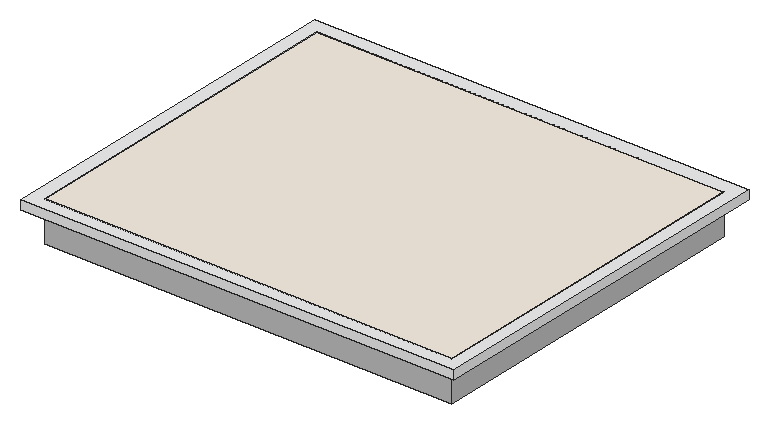
Revit family "Lighting-Industriale-GEWISS-ELIA-HL-LED_RIFLETTORE", category Apparecchi per illuminazione, host Superficie, Revit 2019 (continued)
Types (12, lengths in mm): name | Tensione | Scheda Tecnica | Potenza di sistema | Peso (kg): | Peso (kg) | Ottica | built-in parameter 1150142 | Lumen output (lm) | Modello | IDT | File diagramma fotometrico | Description
    4883.20 4720.80 4561.20 \r\n4397.40 4233.60 4076.80 3921.40 3766.00 3614.80 3469.20 \r\n3326.40 3183.60 3045.00 2907.80 2775.36 2650.48 2530.08 \r\n2412.48 2297.68 2183.44 2072.42 1966.44 1863.82 1762.60 \r\n1663.76 1566.46 1471.96 1380.82 1293.46 1210.86 1133.16 \r\n1060.92 993.16 929.88 869.82 811.58 755.86 703.50 652.96 \r\n603.54 555.66 509.88 466.06 424.20 384.02 344.96 308.42 \r\n275.70 245.55 217.20 190.57 165.23 141.55 119.85 99.88 \r\n81.31 64.58 49.95 37.44 27.14 19.13 13.72 10.39 8.66 8.69 \r\n8142.40 8142.40 8142.40 8145.20 8146.60 8148.00 8150.80 \r\n8153.60 8156.40 8160.60 8163.40 8167.60 8173.20 8177.40 \r\n8183.00 8188.60 8195.60 8201.20 8209.60 8216.60 8225.00 \r\n8232.00 8240.40 8247.40 8255.80 8262.80 8269.80 8278.20 \r\n8286.60 8293.60 8302.00 8310.40 8318.80 8327.20 8337.00 \r\n8346.80 8356.60 8367.80 8377.60 8388.80 8398.60 8409.80 \r\n8419.60 8430.80 8442.00 8451.80 8463.00 8474.20 8484.00 \r\n8496.60 8507.80 8519.00 8530.20 8541.40 8551.20 8562.40 \r\n8573.60 8583.40 8594.60 8603.00 8611.40 8617.00 8624.00 \r\n8628.20 8633.80 8636.60 8639.40 8639.40 8639.40 8636.60 \r\n8633.80 8631.00 8625.40 8618.40 8608.60 8597.40 8584.80 \r\n8570.80 8552.60 8535.80 8514.80 8493.80 8470.00 8444.80 \r\n8416.80 8387.40 8355.20 8320.20 8282.40 8246.00 8205.40 \r\n8157.80 8106.00 8048.60 7987.00 7919.80 7845.60 7760.20 \r\n7665.00 7560.00 7446.60 7329.00 7204.40 7081.20 6953.80 \r\n6818.00 6669.60 6507.20 6335.00 6151.60 5964.00 5776.40 \r\n5590.20 5409.60 5229.00 5054.00 4883.20 4722.20 4562.60 \r\n4397.40 4235.00 4076.80 3922.80 3767.40 3614.80 3470.60 \r\n3329.20 3186.40 3045.00 2909.20 2777.18 2652.02 2531.20 \r\n2412.76 2297.12 2183.44 2072.98 1967.28 1864.38 1763.44 \r\n1664.46 1567.30 1472.66 1381.52 1294.16 1211.28 1133.44 \r\n1061.06 993.30 929.88 869.82 811.72 756.00 703.36 652.96 \r\n603.54 555.80 510.30 466.62 424.48 384.30 345.38 308.98 \r\n276.04 245.74 217.32 190.65 165.37 141.74 120.01 99.97 \r\n81.42 64.71 49.99 37.44 27.17 19.24 13.86 10.51 8.74 8.69 \r\n8142.40 8142.40 8142.40 8145.20 8146.60 8148.00 8149.40 \r\n8153.60 8156.40 8159.20 8163.40 8167.60 8173.20 8177.40 \r\n8183.00 8188.60 8195.60 8201.20 8209.60 8216.60 8225.00 \r\n8232.00 8240.40 8247.40 8255.80 8264.20 8269.80 8278.20 \r\n8286.60 8295.00 8302.00 8311.80 8320.20 8330.00 8338.40 \r\n8348.20 8358.00 8369.20 8380.40 8390.20 8400.00 8409.80 \r\n8421.00 8430.80 8442.00 8453.20 8465.80 8475.60 8486.80 \r\n8496.60 8509.20 8520.40 8531.60 8542.80 8554.00 8565.20 \r\n8575.00 8586.20 8594.60 8603.00 8611.40 8619.80 8625.40 \r\n8631.00 8635.20 8639.40 8640.80 8642.20 8640.80 8639.40 \r\n8636.60 8632.40 8628.20 8619.80 8611.40 8600.20 8587.60 \r\n8572.20 8555.40 8535.80 8517.60 8495.20 8472.80 8446.20 \r\n8418.20 8387.40 8356.60 8321.60 8285.20 8246.00 8204.00 \r\n8157.80 8107.40 8050.00 7988.40 7919.80 7845.60 7761.60 \r\n7666.40 7560.00 7448.00 7329.00 7204.40 7082.60 6952.40 \r\n6815.20 6669.60 6507.20 6335.00 6151.60 5965.40 5777.80 \r\n5593.00 5409.60 5230.40 5055.40 4884.60 4723.60 4562.60 \r\n4398.80 4235.00 4078.20 3924.20 3768.80 3617.60 3472.00 \r\n3329.20 3187.80 3047.80 2912.00 2779.28 2653.84 2532.46 \r\n2413.32 2296.98 2183.58 2073.68 1968.12 1865.36 1764.42 \r\n1665.58 1568.28 1473.64 1382.36 1295.00 1212.26 1134.14 \r\n1061.76 993.86 930.30 870.10 811.86 756.28 703.50 652.96 \r\n603.68 556.22 510.86 467.32 425.18 384.58 345.80 309.40 \r\n276.56 246.08 217.55 190.83 165.59 142.02 120.23 100.13 \r\n81.58 64.83 50.06 37.44 27.23 19.36 13.99 10.63 8.82 8.70 \r\n8142.40 8142.40 8142.40 8143.80 8146.60 8148.00 8150.80 \r\n8153.60 8156.40 8159.20 8163.40 8167.60 8173.20 8177.40 \r\n8183.00 8188.60 8194.20 8201.20 8209.60 8216.60 8225.00 \r\n8232.00 8240.40 8248.80 8255.80 8264.20 8271.20 8278.20 \r\n8286.60 8295.00 8304.80 8311.80 8320.20 8330.00 8339.80 \r\n8349.60 8360.80 8369.20 8380.40 8390.20 8401.40 8412.60 \r\n8422.40 8432.20 8444.80 8454.60 8465.80 8477.00 8486.80 \r\n8499.40 8509.20 8521.80 8533.00 8544.20 8554.00 8565.20 \r\n8576.40 8586.20 8597.40 8605.80 8614.20 8621.20 8628.20 \r\n8633.80 8638.00 8640.80 8643.60 8643.60 8642.20 8640.80 \r\n8638.00 8633.80 8628.20 8621.20 8612.80 8603.00 8589.00 \r\n8573.60 8556.80 8538.60 8519.00 8498.00 8472.80 8447.60 \r\n8419.60 8388.80 8356.60 8323.00 8285.20 8247.40 8205.40 \r\n8159.20 8107.40 8050.00 7988.40 7921.20 7845.60 7761.60 \r\n7666.40 7561.40 7448.00 7329.00 7205.80 7082.60 6952.40 \r\n6815.20 6668.20 6507.20 6335.00 6154.40 5966.80 5779.20 \r\n5594.40 5411.00 5231.80 5056.80 4886.00 4723.60 4564.00 \r\n4400.20 4236.40 4078.20 3924.20 3770.20 3619.00 3474.80 \r\n3332.00 3189.20 3050.60 2913.40 2781.52 2655.80 2533.86 \r\n2413.74 2296.84 2184.00 2074.66 1969.24 1866.62 1765.68 \r\n1666.84 1569.54 1474.90 1383.48 1296.12 1213.38 1135.12 \r\n1062.60 994.56 930.86 870.38 812.28 756.70 703.92 653.10 \r\n603.96 556.64 511.42 468.02 425.74 385.14 346.36 310.24 \r\n277.10 246.48 217.85 191.10 165.89 142.35 120.51 100.34 \r\n81.77 65.00 50.15 37.46 27.29 19.48 14.12 10.75 8.89 8.71 \r\n8142.40 8142.40 8142.40 8143.80 8146.60 8149.40 8150.80 \r\n8153.60 8156.40 8159.20 8163.40 8167.60 8173.20 8177.40 \r\n8183.00 8188.60 8194.20 8201.20 8209.60 8216.60 8225.00 \r\n8232.00 8240.40 8248.80 8255.80 8264.20 8272.60 8279.60 \r\n8288.00 8296.40 8304.80 8314.60 8321.60 8331.40 8341.20 \r\n8351.00 8360.80 8370.60 8381.80 8393.00 8402.80 8412.60 \r\n8423.80 8433.60 8444.80 8456.00 8467.20 8478.40 8489.60 \r\n8499.40 8512.00 8523.20 8534.40 8545.60 8556.80 8568.00 \r\n8577.80 8589.00 8597.40 8608.60 8615.60 8624.00 8629.60 \r\n8635.20 8639.40 8642.20 8643.60 8645.00 8643.60 8642.20 \r\n8639.40 8635.20 8629.60 8624.00 8614.20 8603.00 8591.80 \r\n8576.40 8559.60 8540.00 8521.80 8499.40 8475.60 8449.00 \r\n8421.00 8391.60 8359.40 8323.00 8285.20 8247.40 8205.40 \r\n8159.20 8107.40 8051.40 7989.80 7921.20 7845.60 7761.60 \r\n7666.40 7560.00 7446.60 7329.00 7205.80 7081.20 6951.00 \r\n6813.80 6666.80 6505.80 6335.00 6154.40 5968.20 5782.00 \r\n5595.80 5412.40 5233.20 5056.80 4886.00 4723.60 4564.00 \r\n4398.80 4236.40 4078.20 3924.20 3770.20 3621.80 3476.20 \r\n3333.40 3190.60 3050.60 2914.80 2784.04 2657.76 2535.26 \r\n2414.30 2296.70 2184.28 2075.78 1970.50 1867.88 1767.22 \r\n1668.52 1571.08 1476.30 1384.88 1297.38 1214.64 1136.52 \r\n1063.72 995.54 931.56 870.80 812.70 757.26 704.20 653.38 \r\n604.24 557.06 511.98 468.72 426.44 385.84 347.20 311.08 \r\n277.72 246.99 218.25 191.42 166.25 142.74 120.83 100.59 \r\n81.98 65.20 50.25 37.49 27.36 19.61 14.25 10.86 8.96 8.72 \r\n8142.40 8142.40 8142.40 8143.80 8146.60 8149.40 8150.80 \r\n8153.60 8156.40 8159.20 8163.40 8167.60 8173.20 8177.40 \r\n8183.00 8188.60 8194.20 8202.60 8209.60 8216.60 8225.00 \r\n8233.40 8240.40 8248.80 8257.20 8264.20 8272.60 8279.60 \r\n8288.00 8296.40 8306.20 8314.60 8324.40 8332.80 8342.60 \r\n8352.40 8362.20 8373.40 8383.20 8393.00 8404.20 8414.00 \r\n8423.80 8435.00 8446.20 8457.40 8468.60 8478.40 8489.60 \r\n8502.20 8512.00 8524.60 8535.80 8545.60 8556.80 8568.00 \r\n8579.20 8590.40 8600.20 8610.00 8618.40 8625.40 8632.40 \r\n8636.60 8642.20 8645.00 8645.00 8645.00 8645.00 8643.60 \r\n8640.80 8636.60 8631.00 8625.40 8615.60 8605.80 8591.80 \r\n8577.80 8561.00 8542.80 8523.20 8500.80 8477.00 8449.00 \r\n8421.00 8391.60 8359.40 8324.40 8285.20 8247.40 8205.40 \r\n8159.20 8107.40 8051.40 7989.80 7922.60 7847.00 7760.20 \r\n7666.40 7560.00 7446.60 7329.00 7205.80 7081.20 6951.00 \r\n6812.40 6665.40 6507.20 6336.40 6155.80 5969.60 5783.40 \r\n5597.20 5415.20 5234.60 5058.20 4887.40 4725.00 4565.40 \r\n4400.20 4236.40 4079.60 3924.20 3773.00 3623.20 3479.00 \r\n3334.80 3192.00 3053.40 2917.60 2786.42 2660.14 2536.94 \r\n2415.00 2296.70 2184.84 2077.04 1971.90 1869.42 1768.76 \r\n1670.06 1572.62 1477.84 1386.42 1298.92 1216.18 1137.92 \r\n1065.12 996.52 932.40 871.50 813.26 757.82 704.62 653.66 \r\n604.66 557.62 512.82 469.56 427.14 386.26 347.90 311.78 \r\n278.52 247.56 218.69 191.79 166.64 143.19 121.20 100.86 \r\n82.22 65.41 50.36 37.53 27.45 19.73 14.38 10.97 9.03 8.73 \r\n8142.40 8142.40 8143.80 8143.80 8146.60 8149.40 8150.80 \r\n8153.60 8156.40 8159.20 8162.00 8167.60 8173.20 8177.40 \r\n8183.00 8188.60 8194.20 8202.60 8209.60 8216.60 8225.00 \r\n8233.40 8240.40 8248.80 8257.20 8265.60 8274.00 8282.40 \r\n8289.40 8297.80 8306.20 8316.00 8324.40 8334.20 8344.00 \r\n8353.80 8365.00 8373.40 8384.60 8394.40 8405.60 8415.40 \r\n8426.60 8436.40 8447.60 8458.80 8468.60 8479.80 8492.40 \r\n8502.20 8514.80 8526.00 8535.80 8548.40 8559.60 8570.80 \r\n8580.60 8591.80 8601.60 8611.40 8619.80 8626.80 8633.80 \r\n8639.40 8643.60 8646.40 8646.40 8646.40 8646.40 8645.00 \r\n8642.20 8638.00 8633.80 8625.40 8618.40 8607.20 8594.60 \r\n8579.20 8562.40 8544.20 8524.60 8502.20 8477.00 8451.80 \r\n8422.40 8393.00 8360.80 8324.40 8286.60 8247.40 8205.40 \r\n8159.20 8107.40 8052.80 7991.20 7922.60 7847.00 7760.20 \r\n7665.00 7558.60 7446.60 7327.60 7204.40 7081.20 6949.60 \r\n6812.40 6664.00 6505.80 6336.40 6155.80 5969.60 5784.80 \r\n5600.00 5415.20 5234.60 5058.20 4887.40 4725.00 4564.00 \r\n4400.20 4236.40 4079.60 3925.60 3773.00 3624.60 3479.00 \r\n3336.20 3194.80 3056.20 2920.40 2788.94 2662.24 2538.48 \r\n2415.70 2297.12 2185.68 2078.30 1973.44 1870.82 1770.44 \r\n1671.88 1574.44 1479.38 1387.96 1300.46 1217.58 1139.32 \r\n1066.38 997.78 933.10 872.06 813.82 758.38 705.18 653.94 \r\n605.08 558.18 513.52 470.40 427.84 386.96 348.60 312.62 \r\n279.22 248.16 219.18 192.19 167.08 143.65 121.58 101.15 \r\n82.47 65.60 50.48 37.59 27.52 19.86 14.51 11.08 9.10 8.74 \r\n8142.40 8142.40 8143.80 8143.80 8146.60 8148.00 8150.80 \r\n8153.60 8156.40 8159.20 8163.40 8167.60 8173.20 8176.00 \r\n8183.00 8188.60 8195.60 8202.60 8209.60 8218.00 8225.00 \r\n8233.40 8241.80 8248.80 8257.20 8265.60 8274.00 8282.40 \r\n8290.80 8299.20 8309.00 8316.00 8325.80 8335.60 8345.40 \r\n8353.80 8365.00 8374.80 8386.00 8397.20 8405.60 8416.80 \r\n8426.60 8437.80 8447.60 8458.80 8471.40 8481.20 8492.40 \r\n8503.60 8516.20 8526.00 8538.60 8549.80 8559.60 8570.80 \r\n8582.00 8593.20 8604.40 8612.80 8622.60 8628.20 8635.20 \r\n8640.80 8645.00 8647.80 8649.20 8649.20 8647.80 8646.40 \r\n8643.60 8640.80 8635.20 8628.20 8619.80 8608.60 8596.00 \r\n8582.00 8563.80 8545.60 8526.00 8503.60 8478.40 8453.20 \r\n8422.40 8393.00 8360.80 8325.80 8286.60 8247.40 8206.80 \r\n8159.20 8107.40 8052.80 7992.60 7922.60 7847.00 7760.20 \r\n7663.60 7557.20 7445.20 7326.20 7204.40 7079.80 6949.60 \r\n6811.00 6664.00 6505.80 6336.40 6157.20 5971.00 5786.20 \r\n5600.00 5418.00 5234.60 5059.60 4888.80 4725.00 4565.40 \r\n4401.60 4237.80 4079.60 3925.60 3773.00 3626.00 3481.80 \r\n3337.60 3196.20 3056.20 2923.20 2791.46 2664.34 2540.02 \r\n2416.82 2297.54 2186.52 2079.98 1974.98 1872.36 1771.98 \r\n1673.42 1575.98 1480.92 1389.64 1302.00 1219.26 1141.00 \r\n1067.78 999.04 934.08 872.76 814.66 759.08 705.46 654.36 \r\n605.36 558.74 514.22 471.24 428.54 387.52 349.44 313.60 \r\n280.10 248.79 219.70 192.65 167.54 144.12 121.98 101.47 \r\n82.74 65.83 50.62 37.67 27.62 19.99 14.63 11.18 9.17 8.75 \r\n8142.40 8142.40 8143.80 8143.80 8146.60 8148.00 8150.80 \r\n8153.60 8156.40 8159.20 8163.40 8167.60 8173.20 8176.00 \r\n8183.00 8188.60 8195.60 8202.60 8209.60 8218.00 8225.00 \r\n8233.40 8241.80 8250.20 8257.20 8265.60 8274.00 8282.40 \r\n8290.80 8300.60 8309.00 8318.80 8327.20 8337.00 8345.40 \r\n8356.60 8366.40 8377.60 8386.00 8397.20 8408.40 8416.80 \r\n8428.00 8437.80 8449.00 8460.20 8471.40 8482.60 8493.80 \r\n8505.00 8516.20 8528.80 8538.60 8549.80 8562.40 8573.60 \r\n8584.80 8596.00 8605.80 8614.20 8622.60 8631.00 8638.00 \r\n8642.20 8647.80 8649.20 8650.60 8650.60 8650.60 8647.80 \r\n8645.00 8642.20 8636.60 8629.60 8621.20 8610.00 8597.40 \r\n8582.00 8565.20 8547.00 8526.00 8505.00 8479.80 8451.80 \r\n8423.80 8394.40 8360.80 8325.80 8288.00 8247.40 8205.40 \r\n8159.20 8107.40 8052.80 7992.60 7924.00 7845.60 7758.80 \r\n7662.20 7555.80 7443.80 7324.80 7204.40 7078.40 6948.20 \r\n6809.60 6662.60 6504.40 6336.40 6157.20 5972.40 5787.60 \r\n5601.40 5418.00 5237.40 5059.60 4888.80 4726.40 4564.00 \r\n4400.20 4237.80 4079.60 3925.60 3775.80 3627.40 3481.80 \r\n3339.00 3197.60 3059.00 2923.20 2793.56 2666.30 2541.56 \r\n2417.80 2298.24 2187.64 2081.52 1976.52 1873.90 1773.66 \r\n1675.24 1577.66 1482.60 1391.04 1303.54 1220.80 1142.54 \r\n1069.18 1000.30 935.06 873.46 815.22 759.64 706.02 654.78 \r\n606.06 559.30 514.92 472.08 429.24 388.36 350.14 314.44 \r\n280.85 249.42 220.25 193.12 168.00 144.59 122.39 101.79 \r\n83.01 66.04 50.76 37.76 27.73 20.12 14.76 11.28 9.23 8.76 \r\n8142.40 8142.40 8143.80 8143.80 8146.60 8148.00 8150.80 \r\n8153.60 8156.40 8159.20 8163.40 8167.60 8173.20 8176.00 \r\n8183.00 8190.00 8195.60 8202.60 8209.60 8218.00 8225.00 \r\n8233.40 8241.80 8250.20 8258.60 8267.00 8275.40 8283.80 \r\n8292.20 8300.60 8309.00 8318.80 8328.60 8338.40 8348.20 \r\n8356.60 8366.40 8377.60 8387.40 8398.60 8408.40 8419.60 \r\n8429.40 8439.20 8450.40 8461.60 8472.80 8484.00 8495.20 \r\n8506.40 8519.00 8528.80 8541.40 8552.60 8563.80 8575.00 \r\n8586.20 8597.40 8607.20 8617.00 8624.00 8632.40 8639.40 \r\n8645.00 8647.80 8650.60 8652.00 8652.00 8650.60 8649.20 \r\n8646.40 8642.20 8636.60 8631.00 8622.60 8612.80 8598.80 \r\n8583.40 8566.60 8548.40 8527.40 8506.40 8479.80 8453.20 \r\n8425.20 8394.40 8360.80 8325.80 8288.00 8248.80 8206.80 \r\n8159.20 8108.80 8054.20 7994.00 7924.00 7845.60 7758.80 \r\n7660.80 7554.40 7442.40 7323.40 7203.00 7077.00 6948.20 \r\n6808.20 6661.20 6503.00 6335.00 6157.20 5972.40 5787.60 \r\n5602.80 5418.00 5237.40 5061.00 4890.20 4726.40 4565.40 \r\n4400.20 4239.20 4079.60 3925.60 3775.80 3628.80 3483.20 \r\n3340.40 3199.00 3060.40 2926.00 2796.08 2668.26 2543.24 \r\n2418.92 2299.22 2188.90 2083.20 1978.34 1875.58 1775.20 \r\n1676.78 1579.06 1483.86 1392.58 1305.08 1222.34 1144.22 \r\n1070.72 1001.42 935.90 874.02 815.78 760.20 706.44 655.06 \r\n606.34 559.86 515.62 472.64 429.94 388.92 350.98 315.28 \r\n281.64 250.05 220.79 193.59 168.48 145.04 122.79 102.10 \r\n83.26 66.25 50.92 37.86 27.84 20.25 14.87 11.38 9.29 8.77 \r\n8142.40 8142.40 8143.80 8143.80 8146.60 8148.00 8150.80 \r\n8153.60 8156.40 8159.20 8163.40 8167.60 8173.20 8176.00 \r\n8183.00 8190.00 8197.00 8202.60 8211.00 8218.00 8226.40 \r\n8234.80 8241.80 8250.20 8258.60 8267.00 8275.40 8283.80 \r\n8292.20 8300.60 8310.40 8318.80 8328.60 8338.40 8348.20 \r\n8358.00 8369.20 8377.60 8387.40 8398.60 8409.80 8419.60 \r\n8430.80 8440.60 8451.80 8461.60 8474.20 8485.40 8496.60 \r\n8509.20 8519.00 8531.60 8542.80 8554.00 8566.60 8577.80 \r\n8589.00 8600.20 8610.00 8618.40 8626.80 8633.80 8640.80 \r\n8646.40 8649.20 8652.00 8654.80 8654.80 8652.00 8650.60 \r\n8647.80 8643.60 8638.00 8632.40 8622.60 8614.20 8600.20 \r\n8584.80 8568.00 8548.40 8528.80 8506.40 8481.20 8454.60 \r\n8425.20 8394.40 8362.20 8327.20 8289.40 8250.20 8208.20 \r\n8160.60 8110.20 8055.60 7995.40 7925.40 7845.60 7757.40 \r\n7659.40 7553.00 7438.20 7323.40 7201.60 7078.40 6948.20 \r\n6808.20 6659.80 6503.00 6335.00 6155.80 5972.40 5787.60 \r\n5601.40 5418.00 5237.40 5062.40 4891.60 4726.40 4564.00 \r\n4401.60 4239.20 4079.60 3924.20 3775.80 3628.80 3484.60 \r\n3340.40 3199.00 3060.40 2927.40 2796.92 2669.10 2544.50 \r\n2421.02 2302.30 2192.26 2086.14 1980.30 1876.84 1776.32 \r\n1677.76 1580.04 1484.56 1393.28 1305.92 1223.18 1145.06 \r\n1071.56 1002.40 936.60 874.58 816.20 760.48 707.00 655.62 \r\n606.76 560.28 515.76 472.78 430.08 389.20 351.26 315.70 \r\n282.00 250.49 221.28 194.12 168.90 145.33 123.06 102.40 \r\n83.48 66.42 51.09 38.04 27.98 20.37 14.98 11.47 9.35 8.78 \r\n8142.40 8142.40 8143.80 8143.80 8146.60 8148.00 8150.80 \r\n8153.60 8156.40 8159.20 8163.40 8167.60 8173.20 8177.40 \r\n8183.00 8190.00 8197.00 8202.60 8211.00 8218.00 8226.40 \r\n8234.80 8243.20 8253.00 8260.00 8268.40 8276.80 8285.20 \r\n8293.60 8303.40 8311.80 8321.60 8330.00 8338.40 8348.20 \r\n8359.40 8369.20 8379.00 8388.80 8398.60 8409.80 8421.00 \r\n8430.80 8442.00 8451.80 8463.00 8475.60 8486.80 8496.60 \r\n8509.20 8521.80 8533.00 8545.60 8556.80 8568.00 8579.20 \r\n8590.40 8601.60 8612.80 8621.20 8628.20 8636.60 8643.60 \r\n8649.20 8652.00 8654.80 8654.80 8654.80 8654.80 8653.40 \r\n8650.60 8646.40 8640.80 8633.80 8625.40 8614.20 8601.60 \r\n8586.20 8569.40 8549.80 8530.20 8507.80 8482.60 8454.60 \r\n8426.60 8395.80 8363.60 8328.60 8290.80 8251.60 8209.60 \r\n8163.40 8111.60 8058.40 7996.80 7925.40 7845.60 7756.00 \r\n7658.00 7551.60 7436.80 7320.60 7201.60 7077.00 6946.80 \r\n6808.20 6659.80 6501.60 6335.00 6155.80 5971.00 5784.80 \r\n5600.00 5418.00 5237.40 5062.40 4890.20 4726.40 
